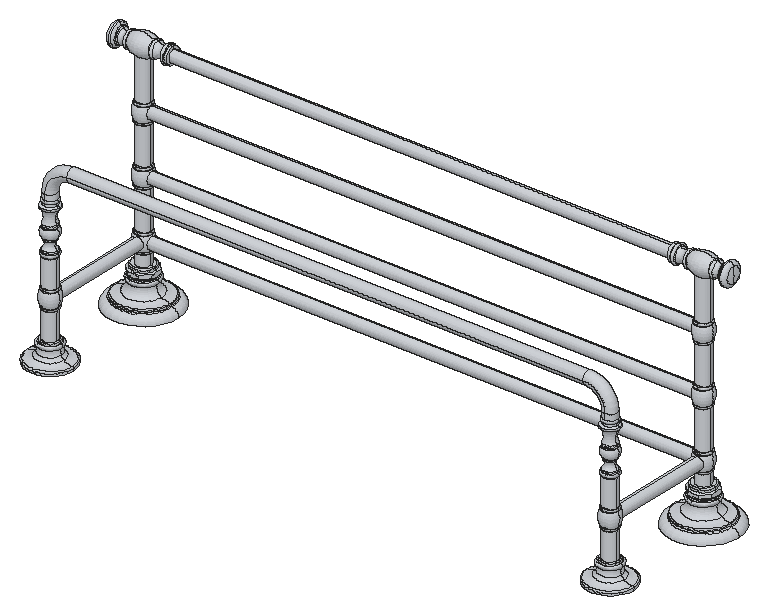
Revit family "Accessory-Towel_Bar-KOHLER-Artifacts-K-72575_1", category Specialty Equipment, host Face, Revit 2015 (continued)
Definition of nested family "K-72575"
  Automatic sketch dimensions
    curve 307 to curve 309 = 0"
    curve 309 to curve 311 = 0"  (x2)
    curve 310 to curve 311 = 0"  (x2)
    curve 313 to curve 314 = 0"
    curve 313 to curve 323 = 0"  (x2)
    curve 314 to curve 316 = 0"
    curve 314 to curve 322 = 0"  (x2)
    curve 315 to curve 323 = 0"  (x2)
    curve 316 to curve 319 = 0"
    curve 316 to curve 323 = 0"  (x2)
    curve 319 to curve 323 = 0"
    plane 1 "Center (Front/Back)" to curve 184 = 0"
    curve 237 to plane 4 "A" = 0"
    plane 1 "Center (Front/Back)" to curve 221 = 0"
    curve 221 to plane 4 "A" = 0"
    curve 223 to plane 4 "A" = 0"
    curve 215 to plane 4 "A" = 0"
    curve 175 to plane 4 "A" = 0"
    curve 194 to plane 4 "A" = 0"
    plane 1 "Center (Front/Back)" to curve 200 = 0"
    plane 1 "Center (Front/Back)" to curve 261 = 0"
    plane 1 "Center (Front/Back)" to curve 264 = 0"
    curve 319 to plane 5 "B" = 0"
    curve 274 to plane 5 "B" = 0"
    curve 295 to plane 5 "B" = 0"
    plane 1 "Center (Front/Back)" to curve 299 = 0"
    curve 299 to plane 5 "B" = 0"
    curve 312 to plane 5 "B" = 0"
    curve 255 to plane 5 "B" = 0"
    plane 17 "C" to curve 319 = 0"
    plane 17 "C" to curve 239 = 0"
    curve 216 to plane 4 "A" = 0.233"
    curve 209 to plane 4 "A" = 0.47603"
    curve 195 to curve 209 = 0.01336"
    curve 176 to curve 175 = 0.01336"
    curve 208 to curve 195 = 0.0183"
    curve 192 to curve 195 = 0.05088"
    curve 173 to curve 176 = 0.05088"
    curve 207 to curve 192 = 0.06335"
    curve 172 to curve 172 = 0.12802"
    curve 191 to curve 192 = 0.12802"
    curve 171 to curve 171 = 0.02597"
    curve 189 to curve 191 = 0.02597"
    curve 169 to curve 170 = 0.03203"
    curve 188 to curve 189 = 0.03203"
    curve 170 to curve 169 = 0.00366"
    curve 189 to curve 188 = 0.00366"
    curve 205 to curve 169 = 0.02833"
    curve 186 to curve 185 = 0.00046"
    curve 167 to curve 166 = 0.00046"
    curve 187 to curve 185 = 0.09301"
    curve 168 to curve 166 = 0.09301"
    plane 4 "A" to curve 218 = 0.233"
    plane 4 "A" to curve 210 = 0.4667"
    curve 210 to curve 184 = 0.00387"
    curve 175 to curve 177 = 0.02088"
    curve 196 to curve 196 = 0.02088"
    curve 177 to curve 211 = 0.02587"
    curve 177 to curve 174 = 0.04512"
    curve 196 to curve 193 = 0.04512"
    curve 174 to curve 212 = 0.05324"
    curve 202 to curve 198 = 0.06024"
    curve 183 to curve 179 = 0.06024"
    curve 198 to curve 214 = 0.04925"
    curve 182 to curve 180 = 0.03219"
    curve 198 to curve 201 = 0.03219"
    curve 201 to curve 199 = 0.12327"
    plane 15 to curve 261 = 0.23031"
    curve 260 to curve 262 = 0.12327"
    curve 279 to curve 279 = 0.12327"
    curve 260 to curve 294 = 0.03219"
    curve 294 to curve 278 = 0.04925"
    curve 259 to curve 259 = 0.04925"
    curve 259 to curve 293 = 0.06024"
    curve 293 to curve 282 = 0.05554"
    curve 259 to curve 263 = 0.05554"
    curve 263 to curve 258 = 0.1417"
    curve 282 to curve 277 = 0.1417"
    curve 277 to curve 292 = 0.19568"
    curve 273 to curve 273 = 0.05324"
    curve 254 to curve 254 = 0.05324"
    curve 254 to curve 291 = 0.04512"
    curve 257 to curve 257 = 0.02587"
    curve 291 to curve 276 = 0.02587"
    curve 273 to curve 264 = 0.088"
    curve 276 to curve 290 = 0.02088"
    plane 5 "B" to curve 298 = 0.233"
    curve 296 to plane 5 "B" = 0.233"
    curve 289 to plane 5 "B" = 0.47603"
    curve 255 to curve 256 = 0.01336"
    curve 289 to curve 275 = 0.01336"
    curve 256 to curve 288 = 0.0183"
    curve 288 to curve 272 = 0.05088"
    curve 288 to curve 253 = 0.05088"
    curve 253 to curve 287 = 0.06335"
    curve 272 to curve 271 = 0.12802"
    curve 253 to curve 252 = 0.12802"
    curve 271 to curve 286 = 0.13088"
    curve 252 to curve 250 = 0.02597"
    curve 270 to curve 269 = 0.02597"
    curve 269 to curve 268 = 0.03203"
    curve 250 to curve 249 = 0.03203"
    curve 249 to curve 250 = 0.00366"
    curve 268 to curve 269 = 0.00366"
    curve 249 to curve 285 = 0.02833"
    curve 285 to curve 246 = 0.13484"
    curve 285 to curve 265 = 0.13484"
    curve 265 to curve 266 = 0.00046"
    curve 246 to curve 247 = 0.00046"
    curve 246 to curve 248 = 0.09301"
    curve 265 to curve 267 = 0.09301"
    plane 17 "C" to curve 238 = 0.27559"
    plane 17 "C" to curve 318 = 0.27559"
    plane 1 "Center (Front/Back)" to curve 197 = 0.5146"
    plane 1 "Center (Front/Back)" to curve 277 = 0.5146"
    curve 255 to curve 309 = 0.47541"
    curve 175 to curve 219 = 0.47541"
    plane 1 "Center (Front/Back)" to curve 186 = 0.39568"
    plane 1 "Center (Front/Back)" to curve 266 = 0.39568"
    curve 277 to curve 281 = 0.1233"
    curve 197 to curve 201 = 0.1233"
    curve 186 to curve 191 = 0.00502"
    curve 266 to curve 271 = 0.00502"
    curve 268 to curve 268 = 0.0301"
    curve 188 to curve 189 = 0.0301"
    curve 201 to curve 214 = 0.02488"
    curve 281 to curve 294 = 0.02488"
    curve 186 to curve 185 = 0.0919"
    curve 266 to curve 265 = 0.0919"
    curve 215 to plane 1 "Center (Front/Back)" = 0.00036"
    curve 299 to curve 295 = 0.00036"
    curve 215 to curve 232 = 0.00508"
    curve 295 to curve 303 = 0.00508"
    curve 248 to plane 1 "Center (Front/Back)" = 0.27081"
    curve 168 to plane 1 "Center (Front/Back)" = 0.27081"
    curve 173 to plane 1 "Center (Front/Back)" = 0.2812"
    curve 253 to plane 1 "Center (Front/Back)" = 0.2812"
    curve 168 to curve 166 = 0.03297"
    curve 248 to curve 246 = 0.03297"
    curve 179 to curve 178 = 0.18626"
    curve 259 to curve 258 = 0.18626"
    curve 179 to curve 213 = 0.01566"
    curve 259 to curve 293 = 0.01566"
    curve 246 to curve 247 = 0.0919"
    curve 166 to curve 167 = 0.0919"
    curve 194 to curve 216 = 0.08709"
    curve 274 to curve 296 = 0.08709"
    curve 216 to curve 221 = 0.01303"
    curve 220 to curve 216 = 0.00922"
    curve 230 to plane 4 "A" = 1/4"
    curve 240 to plane 4 "A" = 1/4"
    curve 219 to curve 220 = 0.02955"
    plane 1 "Center (Front/Back)" to curve 224 = 0.34344"
    curve 217 to plane 1 "Center (Front/Back)" = 0.34344"
    curve 173 to curve 220 = 0.00266"
    curve 192 to curve 227 = 0.00266"
    curve 223 to curve 195 = 0.03631"
    curve 215 to curve 176 = 0.03669"
    curve 167 to curve 168 = 0"
    curve 186 to curve 187 = 0"
    curve 167 to curve 231 = 0.02637"
    curve 186 to curve 230 = 0.02637"
    curve 166 to curve 167 = 0"
    curve 185 to curve 186 = 0"
    curve 184 to curve 185 = 0"
    curve 238 to curve 236 = 0.16878"
    curve 216 to curve 222 = 0.00922"
    curve 226 to plane 10 = 0.02098"
    plane 4 "A" to curve 226 = 1/4"
    curve 236 to curve 241 = 0.08122"
    curve 236 to curve 235 = 0.11248"
    curve 235 to curve 234 = 0.01921"
    curve 235 to curve 242 = 0.01921"
    curve 242 to curve 243 = 0.13807"
    curve 234 to curve 233 = 0.13807"
    plane 1 "Center (Front/Back)" to curve 225 = 0.34344"
    curve 218 to plane 1 "Center (Front/Back)" = 0.34344"
    curve 228 to curve 193 = 0.00952"
    curve 196 to curve 232 = 0.03055"
    curve 201 to curve 229 = 0.00892"
    plane 7 to curve 204 = 0.02102"
    plane 7 to curve 203 = 0.02102"
    plane 15 to curve 283 = 0.02102"
    plane 15 to curve 284 = 0.02102"
    curve 311 to curve 259 = 0.00892"
    curve 309 to curve 278 = 0.00892"
    plane 15 to curve 317 = 0.53857"
    plane 15 to curve 318 = 0.53857"
    curve 295 to curve 254 = 0.03093"
    curve 312 to curve 273 = 0.03055"
    curve 291 to curve 302 = 0.00952"
    curve 291 to curve 308 = 0.00952"
    curve 298 to plane 1 "Center (Front/Back)" = 0.34344"
    plane 1 "Center (Front/Back)" to curve 305 = 0.34344"
    curve 323 to curve 317 = 0.43854"
    curve 313 to curve 318 = 0.43854"
    curve 313 to curve 314 = 0.13807"
    curve 323 to curve 322 = 0.13807"
    curve 322 to curve 315 = 0.01921"
    curve 299 to curve 302 = 0.02955"
    plane 5 "B" to curve 321 = 1/4"
    plane 5 "B" to curve 308 = 1/4"
    curve 296 to curve 301 = 0.01303"
    curve 321 to curve 316 = 0.08122"
    curve 296 to curve 300 = 0.00922"
    curve 304 to plane 5 "B" = 1/4"
    curve 313 to plane 5 "B" = 1/4"
    plane 1 "Center (Front/Back)" to curve 304 = 0.34344"
    curve 297 to plane 1 "Center (Front/Back)" = 0.34344"
    curve 300 to curve 253 = 0.00266"
    curve 307 to curve 272 = 0.00266"
    curve 275 to curve 303 = 0.03631"
    curve 247 to curve 248 = 0"
    curve 266 to curve 267 = 0"
    curve 310 to curve 266 = 0.02637"
    curve 246 to curve 247 = 0"
    curve 265 to curve 266 = 0"
    curve 245 to curve 246 = 0"
    curve 243 to curve 241 = 0.51479"
    curve 323 to curve 321 = 0.51479"
    curve 321 to curve 320 = 0"
    curve 240 to curve 241 = 0"
    curve 244 to plane 10 = 0.02098"
    curve 306 to plane 10 = 0.02098"
    curve 164 to plane 10 = 0.02098"
    curve 303 to curve 307 = 0.04617"
    curve 223 to curve 227 = 0.04617"
    curve 308 to curve 305 = 0.00431"
    curve 227 to curve 224 = 0.00431"
    curve 228 to curve 225 = 0.00431"
    curve 307 to curve 304 = 0.00431"
    curve 279 to curve 284 = 0.10035"
    curve 199 to curve 204 = 0.10035"
    curve 203 to curve 180 = 0.10035"
    curve 283 to curve 260 = 0.10035"
    Extrusion 14 sketch curve to plane 6 = 0"
    Extrusion 14 sketch curve to plane 3 "Center (Left/Right)" = 0"  (x2)
    plane 16 to Extrusion 14 sketch curve = 0"
    Extrusion 14 sketch curve to plane 4 "A" = 0.4611"
    plane 4 "A" to Extrusion 14 sketch curve = 0.4611"  (x4)
    plane 5 "B" to Extrusion 14 sketch curve = 0.4611"  (x4)
    Extrusion 14 sketch curve to plane 5 "B" = 0.4611"
    Extrusion 14 sketch curve to plane 11 = 0.88984"  (x2)
    Extrusion 14 sketch curve to plane 11 = 0.31412"
    plane 11 to Extrusion 14 sketch curve = 0.36016"
    Extrusion 14 sketch curve to plane 12 = 0.31052"
    plane 12 to Extrusion 14 sketch curve = 0.35781"
    plane 13 to Extrusion 14 sketch curve = 0.39219"
    Extrusion 14 sketch curve to plane 13 = 0.39219"
    plane 14 to Extrusion 14 sketch curve = 0.48412"  (x3)
    Extrusion 14 sketch curve to plane 14 = 0.48412"
    Extrusion 15 sketch curve to plane 4 "A" = 0.4611"
    plane 4 "A" to Extrusion 15 sketch curve = 0.4611"
    plane 5 "B" to Extrusion 15 sketch curve = 0.4611"
    Extrusion 15 sketch curve to plane 5 "B" = 0.4611"
    level to Extrusion 15 sketch curve = 0.90938"  (x2)
    plane 13 to Extrusion 15 sketch curve = 0.39219"
    Extrusion 15 sketch curve to plane 13 = 0.39219"
    Extrusion 15 sketch curve to plane 15 = 9.75106"
    Extrusion 15 sketch curve to plane 15 = 10.02236"
    Extrusion 16 sketch curve to plane 6 = 0"
    Extrusion 16 sketch curve to plane 9 = 0"  (x2)
    Extrusion 16 sketch curve to plane 7 = 0"
    Extrusion 16 sketch curve to plane 8 = 0"  (x2)
    Extrusion 16 sketch curve to plane 15 = 0"
    Extrusion 16 sketch curve to plane 16 = 0"
    plane 10 to Extrusion 16 sketch curve = 0"  (x2)
    plane 15 to Extrusion 16 sketch curve = 1/2"
    plane 16 to Extrusion 16 sketch curve = 1/2"
    Extrusion 16 sketch curve to plane 17 "C" = 1.00166"  (x2)
    Extrusion 17 sketch curve to plane 4 "A" = 0.4611"
    plane 4 "A" to Extrusion 17 sketch curve = 0.4611"
    plane 5 "B" to Extrusion 17 sketch curve = 0.4611"
    Extrusion 17 sketch curve to plane 5 "B" = 0.4611"
    Extrusion 17 sketch curve to plane 17 "C" = 0.49031"  (x2)
    plane 1 "Center (Front/Back)" to Extrusion 17 sketch curve = 9/16"  (x2)
    curve 197 to curve 197 = 0.19568"
    curve 212 to curve 178 = 0.19568"
    curve 197 to curve 202 = 0.1417"
    curve 178 to curve 183 = 0.1417"
    curve 183 to curve 213 = 0.05554"
    curve 243 to curve 237 = 0.5229"
    curve 233 to curve 238 = 0.5229"
    plane 4 "A" to curve 39 = 0.60382"
    curve 56 to curve 53 = 0.39292"
    plane 7 to curve 26 = 0.3503"
    Revolve 7 sketch curve to Revolve 7 sketch curve = 0.07722"
    plane 7 to Sweep 9 sketch curve = 143/256"
    plane 7 to Masking region 1 sketch curve = 0.58842"
    Masking region 1 sketch curve to Masking region 1 sketch curve = 0.07722"  (x2)
    plane 7 to Masking region 1 sketch curve = 0.3523"
    plane 7 to Masking region 1 sketch curve = 0.31703"
    plane 7 to Masking region 1 sketch curve = 0.28705"
    Masking region 1 sketch curve to plane 3 "Center (Left/Right)" = 0.31999"
    curve 3 to curve 24 = 0.35899"
    plane 7 to Masking region 3 sketch curve = 0.53857"  (x2)
    plane 7 to Extrusion 16 sketch curve = 1/2"
    curve 206 to curve 191 = 0.13088"
    curve 166 to curve 168 = 0.13484"
    curve 185 to curve 187 = 0.13484"
    curve 52 to plane 4 "A" = 0.47603"
    curve 39 to plane 4 "A" = 0.60382"
    plane 6 to curve 26 = 0.3503"
    plane 6 to Revolve 1 sketch curve = 0.28342"
    plane 6 to Revolve 1 sketch curve = 0.28705"
    plane 6 to Revolve 1 sketch curve = 0.31703"
    Revolve 1 sketch curve to Revolve 1 sketch curve = 0.20999"
    Revolve 1 sketch curve to Revolve 1 sketch curve = 0.16427"
    Revolve 7 sketch curve to Revolve 7 sketch curve = 0.11641"
    plane 6 to Revolve 8 sketch curve = 0.69942"
    Revolve 8 sketch curve to Revolve 8 sketch curve = 0.47843"
    Revolve 8 sketch curve to Revolve 8 sketch curve = 0.06278"
    Revolve 8 sketch curve to Revolve 8 sketch curve = 0.15118"
    Revolve 8 sketch curve to Revolve 8 sketch curve = 0.04823"
    plane 6 to Masking region 1 sketch curve = 0.28342"
    plane 6 to Masking region 1 sketch curve = 0.28705"
    Masking region 1 sketch curve to Masking region 1 sketch curve = 0.11641"  (x2)
    plane 6 to Masking region 1 sketch curve = 0.31703"
    Masking region 1 sketch curve to Masking region 1 sketch curve = 0.09255"  (x2)
    Masking region 1 sketch curve to Masking region 1 sketch curve = 0.20999"
    plane 6 to curve 2 = 0.55751"
    plane 6 to Extrusion 16 sketch curve = 1/2"
    curve 131 to plane 1 "Center (Front/Back)" = 0"
    curve 113 to plane 1 "Center (Front/Back)" = 0"
    plane 14 to curve 113 = 0"
    curve 136 to plane 1 "Center (Front/Back)" = 0.00489"
    curve 137 to plane 1 "Center (Front/Back)" = 0.00499"
    curve 138 to plane 1 "Center (Front/Back)" = 0.233"
    plane 1 "Center (Front/Back)" to curve 132 = 0.00489"
    plane 1 "Center (Front/Back)" to curve 135 = 0.00499"
    plane 1 "Center (Front/Back)" to curve 130 = 0.233"
    plane 11 to curve 135 = 0.19966"
    curve 137 to curve 135 = 0"
    curve 131 to curve 137 = 0.85033"
    curve 130 to curve 131 = 0.02676"
    curve 138 to curve 132 = 0.02676"
    curve 138 to curve 132 = 0.12549"
    curve 130 to curve 128 = 0.12549"
    curve 113 to plane 1 "Center (Front/Back)" = 0.30053"
    curve 126 to curve 133 = 0.06824"
    curve 114 to plane 1 "Center (Front/Back)" = 41/128"
    curve 118 to plane 1 "Center (Front/Back)" = 0.32163"
    curve 117 to plane 1 "Center (Front/Back)" = 0.32222"
    curve 122 to plane 1 "Center (Front/Back)" = 0.32353"
    curve 121 to plane 1 "Center (Front/Back)" = 0.32407"
    curve 125 to plane 1 "Center (Front/Back)" = 0.32428"
    curve 116 to curve 117 = 0.0143"
    curve 115 to curve 114 = 0.01665"
    curve 119 to curve 118 = 0.0164"
    curve 120 to curve 121 = 0.01415"
    curve 124 to curve 125 = 0.0143"
    curve 123 to curve 122 = 0.0155"
    curve 162 to curve 123 = 0.02099"
    curve 162 to curve 124 = 0.02162"
    curve 133 to curve 136 = 0.39286"
    curve 134 to curve 134 = 0.16475"
    curve 127 to curve 133 = 0.10216"
    curve 139 to curve 127 = 0"  (x2)
    curve 141 to curve 134 = 0.14292"
    curve 140 to curve 141 = 0.02183"
    curve 134 to curve 140 = 0"
    curve 133 to curve 139 = 0.06259"
    curve 142 to curve 141 = 0.06315"
    plane 10 to curve 143 = 0.3503"
    curve 144 to curve 143 = 0.06331"
    curve 145 to level = 0.13895"
    plane 17 "C" to curve 145 = 0.951"
    plane 17 "C" to curve 146 = 117/256"
    curve 147 to curve 146 = 0.06325"
    plane 17 "C" to curve 158 = 0.38361"
    plane 17 "C" to curve 163 = 0.36085"
    plane 17 "C" to curve 163 = 0.36079"
    curve 151 to curve 163 = 0.02252"
    curve 150 to curve 163 = 0.02263"
    plane 17 "C" to curve 153 = 0.32495"
    curve 149 to curve 150 = 0.01336"
    curve 152 to curve 151 = 0.0154"
    curve 324 to curve 153 = 0.01394"
    plane 17 "C" to curve 157 = 0.30248"
    curve 148 to curve 147 = 0.09449"
    curve 154 to curve 324 = 0.01717"
    curve 325 to curve 157 = 0.0112"
    curve 160 to curve 158 = 0.09603"
    curve 159 to curve 160 = 0"
    plane 17 "C" to curve 156 = 0.27984"
    curve 161 to curve 160 = 0.01199"
    curve 155 to curve 156 = 0.02769"
    curve 155 to plane 17 "C" = 0.25215"
    curve 161 to plane 17 "C" = 0.27559"
    curve 156 to curve 155 = 0.02769"
    curve 159 to curve 161 = 0.01199"
    curve 160 to curve 161 = 0.01199"
    curve 325 to plane 17 "C" = 0.29129"
    curve 154 to plane 17 "C" = 0.29385"
    curve 148 to plane 17 "C" = 0.29929"
    curve 157 to curve 325 = 0.0112"
    curve 324 to curve 154 = 0.01717"
    curve 152 to plane 17 "C" = 0.32292"
    curve 149 to plane 17 "C" = 0.3248"
    curve 153 to curve 324 = 0.01394"
    curve 150 to curve 149 = 0.01336"
    curve 151 to curve 152 = 0.0154"
    curve 158 to curve 159 = 0.09603"
    curve 147 to curve 148 = 0.09449"
    curve 146 to curve 147 = 0.06325"
    curve 145 to plane 9 = 0.04915"
    plane 1 "Center (Front/Back)" to curve 113 = 0.30053"
    curve 130 to curve 126 = 0.06824"
    plane 1 "Center (Front/Back)" to curve 114 = 41/128"
    plane 1 "Center (Front/Back)" to curve 118 = 0.32163"
    plane 1 "Center (Front/Back)" to curve 117 = 0.32222"
    plane 1 "Center (Front/Back)" to curve 122 = 0.32353"
    plane 1 "Center (Front/Back)" to curve 121 = 0.32407"
    plane 1 "Center (Front/Back)" to curve 125 = 0.32428"
    curve 117 to curve 116 = 0.0143"
    curve 114 to curve 115 = 0.01665"
    curve 118 to curve 119 = 0.0164"
    curve 121 to curve 120 = 0.01415"
    curve 125 to curve 124 = 0.0143"
    curve 122 to curve 123 = 0.0155"
    curve 130 to curve 128 = 0.16475"
    curve 124 to curve 129 = 0.05916"
    curve 128 to curve 127 = 0.10216"
    curve 129 to curve 141 = 0.14292"
    curve 141 to curve 129 = 0.02183"
    curve 139 to curve 128 = 0.06259"
    curve 140 to curve 129 = 0"
    curve 141 to curve 142 = 0.06315"
    plane 8 to curve 143 = 0.3503"
    curve 143 to curve 144 = 0.06331"
    curve 113 to plane 14 = 0.37898"
    plane 13 to curve 114 = 0.3477"
    curve 115 to curve 114 = 0.06141"
    curve 116 to plane 13 = 0.38396"
    curve 117 to curve 116 = 0.05607"
    curve 161 to plane 13 = 1.19674"
    curve 160 to curve 161 = 0.10128"
    curve 159 to curve 160 = 0.11917"
    curve 158 to curve 159 = 0.11322"
    curve 118 to plane 12 = 0.39211"
    curve 119 to curve 118 = 0.05964"
    curve 325 to plane 12 = 0.26718"
    curve 157 to curve 325 = 0.06738"
    plane 12 to curve 156 = 0.18617"
    curve 155 to curve 156 = 0.09216"
    plane 12 to curve 120 = 0.3377"
    curve 121 to curve 120 = 0.05597"
    curve 154 to curve 155 = 0.38579"
    curve 324 to curve 154 = 0.08394"
    curve 153 to curve 324 = 0.11214"
    curve 152 to plane 11 = 0.3947"
    curve 122 to plane 11 = 0.39363"
    curve 151 to curve 152 = 0.05826"
    curve 123 to curve 122 = 0.06095"
    curve 163 to curve 151 = 0.08644"
    curve 162 to curve 123 = 0.08268"
    plane 11 to curve 134 = 0.24143"
    plane 11 to curve 129 = 0.24143"
    curve 162 to curve 134 = 0.00857"
    plane 11 to curve 163 = 1/4"
    plane 11 to curve 150 = 0.33621"
    curve 124 to curve 162 = 0.08758"
    curve 125 to curve 124 = 0.05607"
    curve 149 to curve 150 = 0.05756"
    curve 133 to curve 126 = 0.18691"
    curve 133 to curve 127 = 0.1481"
    curve 139 to curve 127 = 0.0852"
    curve 133 to curve 139 = 0.03614"
    curve 128 to curve 139 = 0.03614"
    curve 134 to curve 134 = 0.02785"
    curve 129 to curve 130 = 0.02785"
    curve 140 to curve 129 = 0.02785"
    curve 141 to curve 140 = 0.13455"
    curve 142 to curve 141 = 0.12183"
    curve 148 to level = 0.90938"
    curve 147 to curve 148 = 0.09843"
    curve 146 to curve 147 = 0.121"
    curve 143 to level = 0.4423"
    curve 136 to curve 133 = 0.04255"
    curve 132 to curve 128 = 0.04255"
    curve 144 to curve 143 = 0.12556"
    radius of Extrusion 2 sketch curve = 0.92006"
    radius of Extrusion 3 sketch curve = 0.92006"
    radius of Sweep 9 sketch curve = 0.27559"
Types (7): name | Type | Model | Finish
  (no name) | 1 | "K-72575-CP" | Kohler-Metal-CP-Polished_Chrome
  CP-Polished Chrome | 1 | "K-72575-CP" | Kohler-Metal-CP-Polished_Chrome
  SN-Vibrant Polished Nickel | 2 | "K-72575-SN" | Kohler-Metal-SN-Vibrant_Polished_Nickel
  BN-Vibrant Brushed Nickel | 3 | "K-72575-BN" | Kohler-Metal-BN-Vibrant_Brushed_Nickel
  BV-Vibrant Brushed Bronze | 4 | "K-72575-BV" | Kohler-Metal-BV-Brushed_Bronze
  2BZ-Oil Rubbed Bronze | 5 | "K-72575-2BZ" | Kohler-Metal-2BZ-Oil_Rubbed_Bronze
  VNT-Vintage Nickel | 6 | "K-72575-VNT" | Kohler-Metal-VNT-Vintage_Nickel
